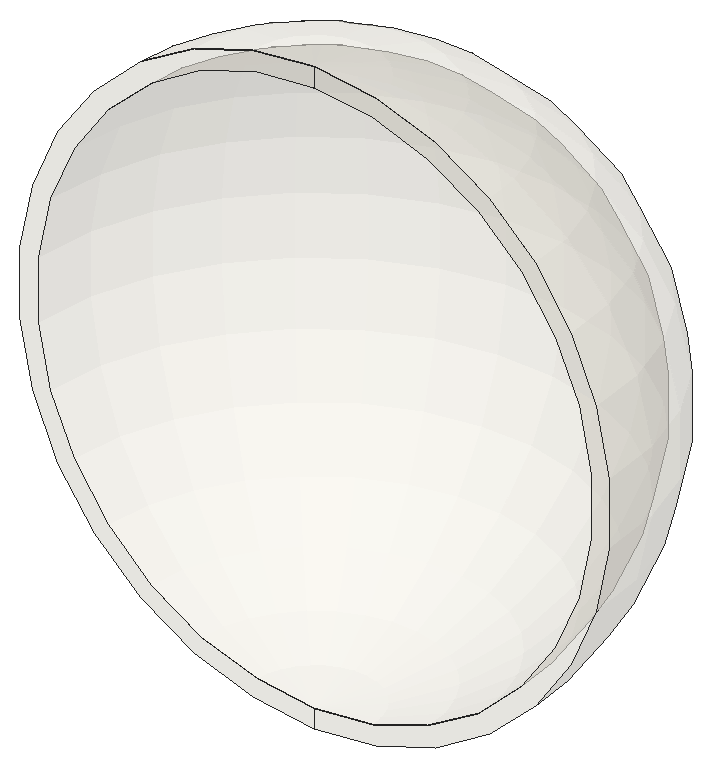
Revit family
Parameters (values of type "60 와트 백열")
  Wattage = 60 W
  built-in parameter 1150110 = 1 (stored number, unit not read)
  built-in parameter 1114217 = 1 (stored number, unit not read)
  built-in parameter 1150109 = 1 (stored number, unit not read)
  built-in parameter 1150134 = 4
  built-in parameter 1150113 = 1 (stored number, unit not read)
  built-in parameter 1150115 = 1 (stored number, unit not read)
  built-in parameter 1150105 = 272.15 (stored number, unit not read)
  Light Source Symbol Size = 609.6 mm
  built-in parameter 1150137 = (empty or 0)
  built-in parameter 1150139 = (empty or 0)
  built-in parameter 1150112 = 1 (stored number, unit not read)
  built-in parameter 1150114 = 1 (stored number, unit not read)
  Lamp = "A-19"
  Lumens = 855 lm
  장착 높이 = 1900 mm
  반지름 = 200 mm
  음영처리 = 유리 - 젖빛
  Wattage Comments = "60"
  built-in parameter 1150132 = (empty or 0)
  built-in parameter 1150102 = (empty or 0)
  built-in parameter 1150138 = (empty or 0)
  built-in parameter 1150107 = 2800 (stored number, unit not read)
  built-in parameter 1150106 = 2.7215 (stored number, unit not read)
  built-in parameter 1150104 = 1.3239 (stored number, unit not read)
  Dimming Lamp Color Temperature Shift = (empty or 0)
  Color Filter = 16777215
  built-in parameter 1114218 = 1 (stored number, unit not read)
  built-in parameter 1150133 = 10 (stored number, unit not read)
Types (3, lengths in mm): name | Wattage | built-in parameter 1150105 | Lamp | Lumens | Wattage Comments | built-in parameter 1150106 | built-in parameter 1150104
  (no name) | 60 W | 272.15 (stored number, unit not read) | "A-19" | 855 lm | "60" | 2.7215 (stored number, unit not read) | 1.3239 (stored number, unit not read)
  100 와트 백열 | 100 W | 381.97 (stored number, unit not read) | "R-30" | 1200 lm | "100" | 3.8197 (stored number, unit not read) | 1.1148 (stored number, unit not read)
  60 와트 백열 | 60 W | 272.15 (stored number, unit not read) | "A-19" | 855 lm | "60" | 2.7215 (stored number, unit not read) | 1.3239 (stored number, unit not read)
Reference planes
  plane 1: y = 0
  plane 2 "광원 축": x = 0
  plane 3 "광원 입면도": z = 1900
  plane 4 "광원 축": y = 76.2
  plane 5: y = 76.2
  plane 6: z = 0
  plane 7: y = 76.2
Forms (mm)
  Revolve 1, solid, material "유리 - 젖빛" <- "음영처리"
    sketch origin (-1524, 76.2, 0) x (-1, 0, 0) y (0, 0, 1)
      loop
        line (-1524, 2100) -> (-1524, 2087.3)
        arc (-1524, 2087.3) -> (-1336.7, 1900) -> (-1524, 1712.7) r 187.3
        line (-1524, 1712.7) -> (-1524, 1700)
        arc (-1524, 1700) -> (-1324, 1900) -> (-1524, 2100) r 200
      axis (-1524, 2100) -> (-1524, 1700)
    angle from 0 to -180
Lines and regions (mm)
  Masking region 1
    outline origin (0, 0, 0) x (1, 0, 0) y (0, 1, 0)
      loop
        arc (200, 76.2) -> (0, 276.2) -> (-200, 76.2) r 200
        line (-200, 76.2) -> (200, 76.2)
  symbolic lines
    curve 1: arc (200, 76.2, 0) -> (0, 276.2, 0) -> (-200, 76.2, 0) r 200
  model lines, style "InvisibleLines"
    curve 2: line (0, 76.2, 1709.5) -> (0, 76.2, 0)
Text (mm)
  text "앞면" at (0, 1019.848, 3124.603), in view "오른쪽"
  text "앞면" at (-1113.488, 723.012, 0), in view "바닥 선"
  text "앞면" at (0, 1206.291, 2933.087), in view "왼쪽"
Dimensions and locks
  "반지름": Revolve 1 sketch curve to Revolve 1 sketch curve
  "반지름": curve 1 to curve 1
  "장착 높이": plane 6 to plane 3 "광원 입면도"
  aligned and locked: plane 5 to host wall
  aligned and locked: Masking region 1 sketch curve to curve 1
  aligned and locked: plane 5 to Masking region 1 sketch curve
  aligned and locked: plane 2 "광원 축" to imposter light
  aligned and locked: imposter light to plane 3 "광원 입면도"
  aligned and locked: plane 4 "광원 축" to imposter light
  aligned and locked: plane 4 "광원 축" to plane 5
  aligned and locked: plane 6 to curve 2
  aligned and locked: level to plane 6
  aligned and locked: plane 7 to host wall
  aligned and locked: imposter light to plane 7
Automatic sketch dimensions
  curve 1 to host wall = 0 mm
  curve 1 to plane 2 "광원 축" = 0 mm
  curve 2 to plane 2 "광원 축" = 0 mm
  plane 3 "광원 입면도" to curve 2 = 190.5 mm
  Revolve 1 sketch curve to Revolve 1 sketch curve = 0 mm  (x2)
  Revolve 1 sketch curve to plane 2 "광원 축" = 0 mm  (x2)
  Revolve 1 sketch curve to plane 3 "광원 입면도" = 0 mm
  Revolve 1 sketch curve to Revolve 1 sketch curve = 12.7 mm
  Revolve 1 sketch curve to Revolve 1 sketch curve = 63.5 mm
  Revolve 1 sketch curve to Revolve 1 sketch curve = 50.8 mm
